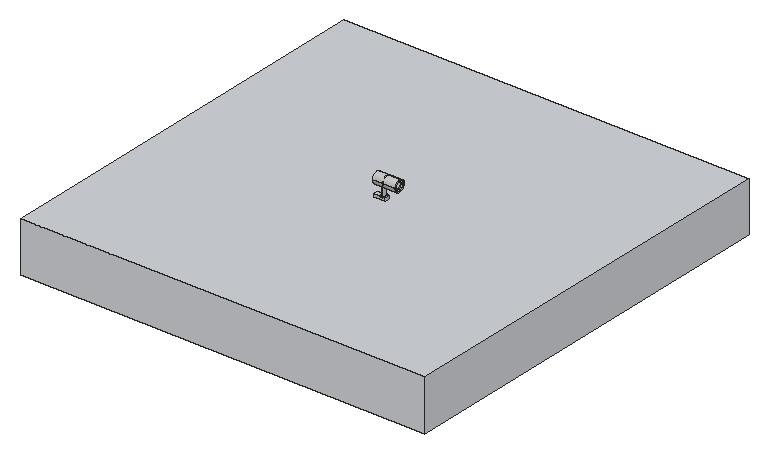
Revit family "LAMP_HANCE TRACK FLOOD (DALI)", category Modelos genéricos, Revit 2015
Parameters (values of type "639LM 3000 BLACK")
  Weight = 0.47 kg
  Type = "COB PHILIPS"
  Total height = 190 mm
  Tilting angle [instance] = 90.00°
  Tilting [instance] = if(Tilting angle < 0.00°, 0.00°, if(Tilting angle > 90.00°, 90.00°, Tilting angle))  # 90.00°
  Rotation angle [instance] = 0.00°
  Rotation [instance] = if(Rotation angle < 0.00°, 90.00°, if(Rotation angle > 355.00°, 85.00°, Rotation angle + 90.00°))  # 90.00°
  Protection rating = "IP20"
  Profundidad tija = if(Longitud cuerpo = 210 mm, 18 mm, 8.2 mm)  # 8.2 mm
  Product datasheet = "http://www.lamp.es/product-files/TECH/HS1TK10FL830DBB-EN.pdf"
  Product code = "HS1TK10FL830DBB"
  Product URL = "http://www.lamp.es/en/family/hance_173901"
  Power Supply = "220-240V 50-60Hz"
  Power = 7 W
  Plum = 8.2 W
  Photometric web file = Cuerpo Hance TRACK FLOOD (tilting) : 639LM 3000 BLACK
  Modelo = Product code  # "HS1TK10FL830DBB"
  Model explanation = "Availability of tilting between 0º and 90º, rotation between 0º and 355º and change ring color when placed in a project."
  Material track = LAMP_Aluminio Hance Negro
  Material tija = LAMP_Aluminio Hance Negro
  Manufacturer name = "LAMP"
  Manufacturer country = "Spain"
  Manufacturer URL = "http://www.lamp.es/en"
  MacAdam = "3"
  Luminaire type = "Indoor - Spotlight"
  Longitud cuerpo = 135 mm
  Longitud aro = if(Longitud cuerpo = 135 mm, 63.6 mm, if(Longitud cuerpo = 170 mm, 98.6 mm, 138.6 mm))  # 63.6 mm
  Last update = "08/08/2018"
  Lamp = "COB LED"
  LED Lifetime = "50.000 L90 B10"
  Insulation class = "I"
  Installation instructions = "http://www.lamp.es/product-files/INS/1004280-A-INSTR.%20MONT%20HANCE%20TRACK220-SUR-REC.pdf"
  Initial intensity = 639 lm
  Initial color = 3000 K
  IEE = "A+"
  Gear = "Adjustable DALI"
  Finish = "Texturised black"
  Fabricante = Manufacturer name  # "LAMP"
  Default Elevation = 1219.2 mm
  Efficacy = 77.9 lm/W
  Diameter = 65 mm
  Descripción = "HANCE TRACK 220 1000 WW FL BK."
  Decorative ring [instance] = Aro decorativo (tilting) : Black
  Comentarios de tipo = Model explanation  # "Availability of tilting between 0º and 90º, rotation between 0º and 355º and change ring color when placed in a project."
  CRI = "80"
  Body height = 135 mm
  Angulo aro [instance] = if(Tilting = 90.00°, 90.00°, -Tilting + 180.00°)  # 90.00°
  Anchura tija = if(Longitud cuerpo = 210 mm, 28 mm, 23 mm)  # 23 mm
  Altura tija = if(Longitud cuerpo = 210 mm, 49 mm, 63 mm)  # 63 mm
Types (17, lengths in mm): name | Weight | Total height | Profundidad tija | Product datasheet | Product code | Power | Plum | Photometric web file | Modelo | Material track | Material tija | Longitud cuerpo | Longitud aro | LED Lifetime | Initial intensity | Initial color | IEE | Finish | Efficacy | Diameter | Descripción | Body height | Anchura tija | Altura tija
  (no name) | 0.47 kg | 190 | 8.2 | "http://www.lamp.es/product-files/TECH/HS1TK10FL830DBB-EN.pdf" | "HS1TK10FL830DBB" | 7 W | 8.2 W | Cuerpo Hance TRACK FLOOD (tilting) : 639LM 3000 BLACK | "HS1TK10FL830DBB" | LAMP_Aluminio Hance Negro | LAMP_Aluminio Hance Negro | 135 | 63.6 | "50.000 L90 B10" | 639 lm | 3000 K | "A+" | "Texturised black" | 77.9 lm/W | 65 | "HANCE TRACK 220 1000 WW FL BK." | 135 | 23 | 63
  639LM 3000 BLACK | 0.47 kg | 190 | 8.2 | "http://www.lamp.es/product-files/TECH/HS1TK10FL830DBB-EN.pdf" | "HS1TK10FL830DBB" | 7 W | 8.2 W | Cuerpo Hance TRACK FLOOD (tilting) : 639LM 3000 BLACK | "HS1TK10FL830DBB" | LAMP_Aluminio Hance Negro | LAMP_Aluminio Hance Negro | 135 | 63.6 | "50.000 L90 B10" | 639 lm | 3000 K | "A+" | "Texturised black" | 77.9 lm/W | 65 | "HANCE TRACK 220 1000 WW FL BK." | 135 | 23 | 63
  639LM 3000 WHITE | 0.47 kg | 190 | 8.2 | "http://www.lamp.es/product-files/TECH/HS1TK10FL830DBW-EN.pdf" | "HS1TK10FL830DBW" | 7 W | 8.2 W | Cuerpo Hance TRACK FLOOD (tilting) : 639LM 3000 WHITE | "HS1TK10FL830DBW" | LAMP_Aluminio Hance Blanco | LAMP_Aluminio Hance Blanco | 135 | 63.6 | "50.000 L90 B10" | 639 lm | 3000 K | "A+" | "Texturised matt white" | 77.9 lm/W | 65 | "HANCE TRACK 220 1000 WW FL WH." | 135 | 23 | 63
  675LM 4000 BLACK | 0.47 kg | 190 | 8.2 | "http://www.lamp.es/product-files/TECH/HS1TK10FL840DBB-EN.pdf" | "HS1TK10FL840DBB" | 7 W | 8.2 W | Cuerpo Hance TRACK FLOOD (tilting) : 675LM 4000 BLACK | "HS1TK10FL840DBB" | LAMP_Aluminio Hance Negro | LAMP_Aluminio Hance Negro | 135 | 63.6 | "50.000 L90 B10" | 675 lm | 4000 K | "A+" | "Texturised black" | 82.32 lm/W | 65 | "HANCE TRACK 220 1000 NW FL BK." | 135 | 23 | 63
  675LM 4000 WHITE | 0.47 kg | 190 | 8.2 | "http://www.lamp.es/product-files/TECH/HS1TK10FL840DBW-EN.pdf" | "HS1TK10FL840DBW" | 7 W | 8.2 W | Cuerpo Hance TRACK FLOOD (tilting) : 675LM 4000 WHITE | "HS1TK10FL840DBW" | LAMP_Aluminio Hance Blanco | LAMP_Aluminio Hance Blanco | 135 | 63.6 | "50.000 L90 B10" | 675 lm | 4000 K | "A+" | "Texturised matt white" | 82.32 lm/W | 65 | "HANCE TRACK 220 1000 NW FL WH." | 135 | 23 | 63
  1476LM 3000 BLACK | 0.65 kg | 225 | 8.2 | "http://www.lamp.es/product-files/TECH/HS1TK20FL830DBB-EN.pdf" | "HS1TK20FL830DBB" | 18 W | 21 W | Cuerpo Hance TRACK FLOOD (tilting) : 1476LM 3000 BLACK | "HS1TK20FL830DBB" | LAMP_Aluminio Hance Negro | LAMP_Aluminio Hance Negro | 170 | 98.6 | "50.000 L80 B10" | 1476 lm | 3000 K | "A" | "Texturised black" | 70.3 lm/W | 65 | "HANCE TRACK 220 2000 WW FL BK." | 170 | 23 | 63
  1476LM 3000 WHITE | 0.65 kg | 225 | 8.2 | "http://www.lamp.es/product-files/TECH/HS1TK20FL830DBW-EN.pdf" | "HS1TK20FL830DBW" | 18 W | 21 W | Cuerpo Hance TRACK FLOOD (tilting) : 1476LM 3000 WHITE | "HS1TK20FL830DBW" | LAMP_Aluminio Hance Blanco | LAMP_Aluminio Hance Blanco | 170 | 98.6 | "50.000 L80 B10" | 1476 lm | 3000 K | "A" | "Texturised matt white" | 70.3 lm/W | 65 | "HANCE TRACK 220 2000 WW FL WH." | 170 | 23 | 63
  1560LM 4000 BLACK | 0.65 kg | 225 | 8.2 | "http://www.lamp.es/product-files/TECH/HS1TK20FL840DBB-EN.pdf" | "HS1TK20FL840DBB\r\nHS1TK20FL840NBB" | 18 W | 21 W | Cuerpo Hance TRACK FLOOD (tilting) : 1560LM 4000 BLACK | "HS1TK20FL840DBB\r\nHS1TK20FL840NBB" | LAMP_Aluminio Hance Negro | LAMP_Aluminio Hance Negro | 170 | 98.6 | "50.000 L80 B10" | 1560 lm | 4000 K | "A" | "Texturised black" | 74.28 lm/W | 65 | "HANCE TRACK 220 2000 NW FL BK." | 170 | 23 | 63
  1560LM 4000 WHITE | 0.65 kg | 225 | 8.2 | "http://www.lamp.es/product-files/TECH/HS1TK20FL840DBW-EN.pdf" | "HS1TK20FL840DBW\r\nHS1TK20FL840NBB" | 18 W | 21 W | Cuerpo Hance TRACK FLOOD (tilting) : 1560LM 4000 WHITE | "HS1TK20FL840DBW\r\nHS1TK20FL840NBB" | LAMP_Aluminio Hance Blanco | LAMP_Aluminio Hance Blanco | 170 | 98.6 | "50.000 L80 B10" | 1560 lm | 4000 K | "A" | "Texturised matt white" | 74.28 lm/W | 65 | "HANCE TRACK 220 2000 NW FL WH." | 170 | 23 | 63
  2569LM 3000 BLACK | 1.35 kg | 266 | 18 | "http://www.lamp.es/product-files/TECH/HS1TK30FL830DBB-EN.pdf" | "HS1TK30FL830DBB" | 26 W | 28.6 W | Cuerpo Hance TRACK FLOOD (tilting) : 2569LM 3000 BLACK | "HS1TK30FL830DBB" | LAMP_Aluminio Hance Negro | LAMP_Aluminio Hance Negro | 210 | 138.6 | "50.000 L80 B10" | 2569 lm | 3000 K | "A+" | "Texturised black" | 89.83 lm/W | 90 | "HANCE TRACK 220 3000 WW FL BK." | 210 | 28 | 49
  2569LM 3000 WHITE | 1.35 kg | 266 | 18 | "http://www.lamp.es/product-files/TECH/HS1TK30FL830DBW-EN.pdf" | "HS1TK30FL830DBW" | 26 W | 28.6 W | Cuerpo Hance TRACK FLOOD (tilting) : 2569LM 3000 WHITE | "HS1TK30FL830DBW" | LAMP_Aluminio Hance Blanco | LAMP_Aluminio Hance Blanco | 210 | 138.6 | "50.000 L80 B10" | 2569 lm | 3000 K | "A+" | "Texturised matt white" | 89.83 lm/W | 90 | "HANCE TRACK 220 3000 WW FL WH." | 210 | 28 | 49
  2686LM 4000 BLACK | 1.35 kg | 266 | 18 | "http://www.lamp.es/product-files/TECH/HS1TK30FL840DBB-EN.pdf" | "HS1TK30FL840DBB" | 26 W | 28.6 W | Cuerpo Hance TRACK FLOOD (tilting) : 2686LM 4000 BLACK | "HS1TK30FL840DBB" | LAMP_Aluminio Hance Negro | LAMP_Aluminio Hance Negro | 210 | 138.6 | "50.000 L80 B10" | 2686 lm | 4000 K | "A+" | "Texturised black" | 93.92 lm/W | 90 | "HANCE TRACK 220 3000 NW FL BK." | 210 | 28 | 49
  2686LM 4000 WHITE | 1.35 kg | 266 | 18 | "http://www.lamp.es/product-files/TECH/HS1TK30FL840DBW-EN.pdf" | "HS1TK30FL840DBW" | 26 W | 28.6 W | Cuerpo Hance TRACK FLOOD (tilting) : 2686LM 4000 WHITE | "HS1TK30FL840DBW" | LAMP_Aluminio Hance Blanco | LAMP_Aluminio Hance Blanco | 210 | 138.6 | "50.000 L80 B10" | 2686 lm | 4000 K | "A+" | "Texturised matt white" | 93.92 lm/W | 90 | "HANCE TRACK 220 3000 NW FL WH." | 210 | 28 | 49
  3290LM 3000 BLACK | 1.35 kg | 266 | 18 | "http://www.lamp.es/product-files/TECH/HS1TK40FL830DBB-EN.pdf" | "HS1TK40FL830DBB" | 35 W | 39.5 W | Cuerpo Hance TRACK FLOOD (tilting) : 3290LM 3000 BLACK | "HS1TK40FL830DBB" | LAMP_Aluminio Hance Negro | LAMP_Aluminio Hance Negro | 210 | 138.6 | "50.000 L80 B10" | 3290 lm | 3000 K | "A+" | "Texturised black" | 83.3 lm/W | 90 | "HANCE TRACK 220 4000 WW FL BK." | 210 | 28 | 49
  3290LM 3000 WHITE | 1.35 kg | 266 | 18 | "http://www.lamp.es/product-files/TECH/HS1TK40FL830DBW-EN.pdf" | "HS1TK40FL830DBW" | 35 W | 39.5 W | Cuerpo Hance TRACK FLOOD (tilting) : 3290LM 3000 WHITE | "HS1TK40FL830DBW" | LAMP_Aluminio Hance Blanco | LAMP_Aluminio Hance Blanco | 210 | 138.6 | "50.000 L80 B10" | 3290 lm | 3000 K | "A+" | "Texturised matt white" | 83.3 lm/W | 90 | "HANCE TRACK 220 4000 WW FL WH." | 210 | 28 | 49
  3426LM 4000 BLACK | 1.35 kg | 266 | 18 | "http://www.lamp.es/product-files/TECH/HS1TK40FL840DBB-EN.pdf" | "HS1TK40FL840DBB" | 35 W | 39.5 W | Cuerpo Hance TRACK FLOOD (tilting) : 3426LM 4000 BLACK | "HS1TK40FL840DBB" | LAMP_Aluminio Hance Negro | LAMP_Aluminio Hance Negro | 210 | 138.6 | "50.000 L80 B10" | 3426 lm | 4000 K | "A+" | "Texturised black" | 86.73 lm/W | 90 | "HANCE TRACK 220 4000 NW FL BK." | 210 | 28 | 49
  3426LM 4000 WHITE | 1.35 kg | 266 | 18 | "http://www.lamp.es/product-files/TECH/HS1TK40FL840DBW-EN.pdf" | "HS1TK40FL840DBW" | 35 W | 39.5 W | Cuerpo Hance TRACK FLOOD (tilting) : 3426LM 4000 WHITE | "HS1TK40FL840DBW" | LAMP_Aluminio Hance Blanco | LAMP_Aluminio Hance Blanco | 210 | 138.6 | "50.000 L80 B10" | 3426 lm | 4000 K | "A+" | "Texturised matt white" | 86.73 lm/W | 90 | "HANCE TRACK 220 4000 NW FL WH." | 210 | 28 | 49
Reference planes
  plane 1 "Centro (Frontal/Posterior)": y = 0
  plane 2: z = 0
  plane 3 "Centro (Izquierda/Derecha)": x = 0
Forms (mm)
  Extrusion 1, solid
    sketch origin (0, 0, 0) x (1, 0, 0) y (0, 1, 0)
      loop
        line (-1219.2, 1219.2) -> (-1219.2, -1219.2) -> (1219.2, -1219.2) -> (1219.2, 1219.2) -> (-1219.2, 1219.2)
    from 0 to -304.8
  Extrusion 2, solid, material "LAMP_Aluminio Hance Negro" <- "Material track"
    sketch origin (-17.6, 0, 0) x (1, 0, 0) y (0, 1, 0)
      loop
        arc (-31.129, 16) -> (-35, 0) -> (-31.129, -16) r 35
        line (-31.129, -16) -> (31.129, -16)
        arc (31.129, -16) -> (35, 0) -> (31.129, 16) r 35
        line (31.129, 16) -> (-31.129, 16)
    from -26 to 14
  Extrusion 3, void
    sketch origin (0, 0, 0) x (0, 1, 0) y (0, 0, 1)
      loop
        line (17, 0) -> (7, 0) -> (7, -25) -> (-7, -25) -> (-7, 0) -> (-17, 0) -> (-17, -26) -> (17, -26) -> (17, 0)
    from -55.461 to 19.43
  Extrusion 4, void
    sketch origin (-17.6, 0, 0) x (-1, 0, 0) y (0, -1, 0)
      loop
        circle (-17.6, 0) r 6.5
    from -7.7 to 14
  Extrusion 5, solid, material "LAMP_Aluminio Hance Negro" <- "Material track"
    sketch origin (0, 0, 0) x (1, 0, 0) y (0, 1, 0)
      loop
        circle (-1, 0) r 15.5
    from 14 to 18
Cuts and joins
  Extrusion 3, Extrusion 4 cuts Extrusion 2
Lines and regions (mm)
  reference lines
    curve 1: line (0, 0, 0) -> (50, 0, 0)
Text (mm)
  text "Any modification of the parameters and properties of the LAMP BIM models must be executed and validated by the LAMP technical department.\n\nPhone: +34 93 736 68 00\n\nE-mail: lamp@lamp.es\n\n\n\nLAMP reserves the right to modify the technical specifications of its products." at (-21906.375, 14253.211, -4404.018), in view "Preview"
Dimensions and locks
  "Rotation": angle curve 1 to plane 3 "Centro (Izquierda/Derecha)"
  aligned and locked: plane 2 to Extrusion 1
  aligned and locked: level to Extrusion 1
  aligned and locked: plane 3 "Centro (Izquierda/Derecha)" to curve 1
  aligned and locked: plane 1 "Centro (Frontal/Posterior)" to curve 1
Automatic sketch dimensions
  Extrusion 1 sketch curve to Extrusion 1 sketch curve = 2438.4 mm  (x2)
  Extrusion 2 sketch curve to Extrusion 2 sketch curve = 0 mm  (x2)
  plane 1 "Centro (Frontal/Posterior)" to Extrusion 2 sketch curve = 0 mm
  Extrusion 2 sketch curve to plane 1 "Centro (Frontal/Posterior)" = 16 mm
  Extrusion 2 sketch curve to plane 3 "Centro (Izquierda/Derecha)" = 48.729 mm
  plane 1 "Centro (Frontal/Posterior)" to Extrusion 2 sketch curve = 16 mm
  Extrusion 2 sketch curve to plane 3 "Centro (Izquierda/Derecha)" = 17.6 mm
  plane 3 "Centro (Izquierda/Derecha)" to Extrusion 2 sketch curve = 13.529 mm
  Extrusion 3 sketch curve to level = 0 mm  (x2)
  plane 1 "Centro (Frontal/Posterior)" to Extrusion 3 sketch curve = 17 mm
  plane 1 "Centro (Frontal/Posterior)" to Extrusion 3 sketch curve = 7 mm
  Extrusion 3 sketch curve to plane 1 "Centro (Frontal/Posterior)" = 7 mm
  Extrusion 3 sketch curve to Extrusion 3 sketch curve = 10 mm
  Extrusion 3 sketch curve to Extrusion 3 sketch curve = 25 mm
  Extrusion 3 sketch curve to Extrusion 3 sketch curve = 1 mm
  plane 1 "Centro (Frontal/Posterior)" to Extrusion 4 sketch curve = 0 mm
  Extrusion 4 sketch curve to plane 3 "Centro (Izquierda/Derecha)" = 0 mm
  Extrusion 5 sketch curve to curve 1 = 0 mm
  Extrusion 5 sketch curve to curve 1 = 1 mm
  radius of Extrusion 4 sketch curve = 6.5 mm
  radius of Extrusion 5 sketch curve = 15.5 mm
Nested families
  nested 1: "Aro decorativo (tilting)" at (-0.5, 0, 73.163) x (1, 0, 0) z (0, 0, -1), type <- "Decorative ring", type "Black"
  nested 2: "Tija track" at (1, 0, 18), type "Tija track"
  nested 3: "Cuerpo Hance TRACK FLOOD (tilting)" at (-0.525, 0, 73.145) x (1, 0, 0) z (0, 0, -1), type <- "Photometric web file", type "639LM 3000 BLACK"
Connectors
  electrical at (-17.6, 0, -25)
    settings: on cut or joined group of Extrusion 2, Extrusion 3, Extrusion 4, index 1, voltage 0 V, apparent load 0 VA, apparent load phase1 230 VA, apparent load phase2 0 VA, apparent load phase3 0 VA, power factor 1, load classification "Otro", number of poles 1, system type 31, power factor state 1, is connector primary yes, connector utility no, sub classification motor no, connector description ""
Definition of nested family "Aro decorativo (tilting)"
  Parameters (values of type "Copper")
    Weight (3000/4000) = 0.016 kg
    Weight (1000/2000) = 0.01 kg
    Tilting = 90.00°
    Product datasheet = ""
    Product code (3000/4000) = "HSRI90C"
    Product code (1000/2000) = "HSRI65C"
    Product URL = ""
    Model = ""
    Material aro = none
    Manufacturer name = "LAMP"
    Manufacturer country = "Spain"
    Manufacturer URL = "http://www.lamp.es/en"
    Longitud = 63.6 mm
    Last update = "21/05/2018"
    Installation instructions = ""
    Finish = "Metalized matt copper"
    Manufacturer = Manufacturer name  # "LAMP"
    Default Elevation = 1219.2 mm
    Diameter (3000/4000) = 90 mm
    Diameter (1000/2000) = 65 mm
    Description = ""
    Accessory Type = "Optic"
    3000/4000 Model = "HSRI90C"
    3000/4000 Description = "HANCE 3000/4000 ACC. RING DECO CO."
    1000/2000 Model = "HSRI65C"
    1000/2000 Description = "HANCE 1000/2000 ACC. RING DECO CO."
  Types (5, lengths in mm): name | Product code (3000/4000) | Product code (1000/2000) | Finish | 3000/4000 Model | 3000/4000 Description | 1000/2000 Model | 1000/2000 Description
    (no name) | "HSRI90C" | "HSRI65C" | "Metalized matt copper" | "HSRI90C" | "HANCE 3000/4000 ACC. RING DECO CO." | "HSRI65C" | "HANCE 1000/2000 ACC. RING DECO CO."
    Black | "HSRI90B" | "HSRI65B" | "Matt black" | "HSRI90B" | "HANCE 3000/4000 ACC. RING DECO BK." | "HSRI65B" | "HANCE 1000/2000 ACC. RING DECO BK."
    Copper | "HSRI90C" | "HSRI65C" | "Metalized matt copper" | "HSRI90C" | "HANCE 3000/4000 ACC. RING DECO CO." | "HSRI65C" | "HANCE 1000/2000 ACC. RING DECO CO."
    Grey | "HSRI90M" | "HSRI65M" | "Metalized matt silver" | "HSRI90M" | "HANCE 3000/4000 ACC. RING DECO MET." | "HSRI65M" | "HANCE 1000/2000 ACC. RING DECO MET."
    White | "HSRI90W" | "HSRI65W" | "Matt White" | "HSRI90W" | "HANCE 3000/4000 ACC. RING DECO WH." | "HSRI65W" | "HANCE 1000/2000 ACC. RING DECO WH."
  Reference planes
    plane 1 "Centro (Frontal/Posterior)": y = 0
    plane 2: z = 0
    plane 3 "Centro (Izquierda/Derecha)": x = 0
  Lines and regions (mm)
    reference lines
      curve 1: line (0, 0, 0) -> (0, 0, -27.9)
      curve 2: line (0, 0, -27.9) -> (80.8, 0, -27.9)
  Text (mm)
    text "Any modification of the parameters and properties of the LAMP BIM models must be executed and validated by the LAMP technical department.\n\nPhone: +34 93 736 68 00\n\nE-mail: lamp@lamp.es\n\n\n\nLAMP reserves the right to modify the technical specifications of its products." at (86527.204, -96597.187, 50741.736), in view "Preview"
  Dimensions and locks
    "Tilting": angle curve 1 to plane 2
    aligned and locked: level to plane 2
    aligned and locked: plane 3 "Centro (Izquierda/Derecha)" to curve 1
    aligned and locked: plane 2 to curve 1
  Automatic sketch dimensions
    curve 2 to curve 1 = 0 mm
    curve 1 to curve 2 = 0 mm
    curve 1 to curve 2 = 80.8 mm
  Nested families
    nested 1: "Aro decorativo" at (17.2, 0, 0), type "Copper"
  Definition of nested family "Aro decorativo"
    Parameters (values of type "Copper")
      Weight (3000/4000) = 0.016 kg
      Weight (1000/2000) = 0.01 kg
      Product datasheet = ""
      Product code (3000/4000) = "HSRI90C"
      Product code (1000/2000) = "HSRI65C"
      Product URL = ""
      Model = ""
      Material aro = none
      Manufacturer name = "LAMP"
      Manufacturer country = "Spain"
      Manufacturer URL = "http://www.lamp.es/en"
      Longitud = 63.6 mm
      Last update = "21/05/2018"
      Installation instructions = ""
      Finish = "Metalized matt copper"
      Manufacturer = Manufacturer name  # "LAMP"
      Default Elevation = 1219.2 mm
      Diametro vaciado aro interior = if(Diametro aro interior = 35.4 mm, 34.4 mm, 21.9 mm)  # 21.9 mm
      Diametro vaciado aro exterior = if(Diametro aro exterior = 42.9 mm, 41.9 mm, 29.4 mm)  # 29.4 mm
      Diametro aro interior = if(Diametro aro exterior = 42.9 mm, 35.4 mm, 22.9 mm)  # 22.9 mm
      Diametro aro exterior = if(Longitud = 138.6 mm, 42.9 mm, 30.4 mm)  # 30.4 mm
      Diameter (3000/4000) = 90 mm
      Diameter (1000/2000) = 65 mm
      Description = ""
      Accessory Type = "Optic"
      3000/4000 Model = "HSRI90C"
      3000/4000 Description = "HANCE 3000/4000 ACC. RING DECO CO."
      1000/2000 Description = "HANCE 1000/2000 ACC. RING DECO CO."
      1000/2000 Model = "HSRI65C"
    Types (5, lengths in mm): name | Product code (3000/4000) | Product code (1000/2000) | Finish | 3000/4000 Model | 3000/4000 Description | 1000/2000 Description | 1000/2000 Model
      (no name) | "HSRI90C" | "HSRI65C" | "Metalized matt copper" | "HSRI90C" | "HANCE 3000/4000 ACC. RING DECO CO." | "HANCE 1000/2000 ACC. RING DECO CO." | "HSRI65C"
      Black | "HSRI90B" | "HSRI65B" | "Matt black" | "HSRI90B" | "HANCE 3000/4000 ACC. RING DECO BK." | "HANCE 1000/2000 ACC. RING DECO BK." | "HSRI65B"
      Copper | "HSRI90C" | "HSRI65C" | "Metalized matt copper" | "HSRI90C" | "HANCE 3000/4000 ACC. RING DECO CO." | "HANCE 1000/2000 ACC. RING DECO CO." | "HSRI65C"
      Grey | "HSRI90M" | "HSRI65M" | "Metalized matt silver" | "HSRI90M" | "HANCE 3000/4000 ACC. RING DECO MET." | "HANCE 1000/2000 ACC. RING DECO MET." | "HSRI65M"
      White | "HSRI90W" | "HSRI65W" | "Matt white" | "HSRI90W" | "HANCE 3000/4000 ACC. RING DECO WH." | "HANCE 1000/2000 ACC. RING DECO WH." | "HSRI65W"
    Reference planes
      plane 1 "Centro (Frontal/Posterior)": y = 0
      plane 2: z = 0
      plane 3 "Centro (Izquierda/Derecha)": x = 0
    Forms (mm)
      Revolve 1, solid, material <- "Material aro"
        sketch origin (0, 0, -27.9) x (1, 0, 0) y (0, 0, 1)
          loop
            line (63.6, 0) -> (73.782, 0) -> (73.782, 30.4) -> (63.6, 22.9) -> (63.6, 0)
          axis (73.782, 0) -> (63.6, 0)
        angle from 0 to 360
      Revolve 2, void
        sketch origin (0, 0, -27.9) x (1, 0, 0) y (0, 0, 1)
          loop
            line (73.782, 29.4) -> (63.6, 21.9) -> (63.6, 0) -> (73.782, 0) -> (73.782, 29.4)
          axis (63.6, 0) -> (73.782, 0)
        angle from 0 to 360
    Cuts and joins
      Revolve 2 cuts Revolve 1
    Lines and regions (mm)
      reference lines
        curve 1: line (0, 0, -27.9) -> (63.6, 0, -27.9)
    Text (mm)
      text "Any modification of the parameters and properties of the LAMP BIM models must be executed and validated by the LAMP technical department.\n\nPhone: +34 93 736 68 00\n\nE-mail: lamp@lamp.es\n\n\n\nLAMP reserves the right to modify the technical specifications of its products." at (91886.357, -93022.329, 47898.266), in view "Preview"
    Dimensions and locks
      "Diametro aro exterior": Revolve 1 sketch curve to Revolve 1 sketch curve
      "Diametro vaciado aro exterior": Revolve 2 sketch curve to Revolve 2 sketch curve
      "Longitud": curve 1 to plane 3 "Centro (Izquierda/Derecha)"
      "Diametro aro interior": Revolve 1 sketch curve to Revolve 1 sketch curve
      "Diametro vaciado aro interior": Revolve 2 sketch curve to Revolve 2 sketch curve
      aligned and locked: level to plane 2
    Automatic sketch dimensions
      Revolve 1 sketch curve to curve 1 = 0 mm  (x4)
      curve 1 to Revolve 1 sketch curve = 10.182 mm
      Revolve 1 sketch curve to Revolve 1 sketch curve = 0 mm
      Revolve 2 sketch curve to curve 1 = 0 mm  (x3)
      curve 1 to Revolve 2 sketch curve = 10.182 mm
      Revolve 2 sketch curve to curve 1 = 1261.008 mm
      Revolve 2 sketch curve to Revolve 2 sketch curve = 1898.983 mm
      curve 1 to plane 3 "Centro (Izquierda/Derecha)" = 0 mm
      curve 1 to level = 27.9 mm
Definition of nested family "Tija track"
  Parameters (values of type "Tija track")
    Profundidad tija = 8.2 mm
    Material tija = none
    Default Elevation = 1219.2 mm
    Anchura tija = 23 mm
    Profundo vaciado = if(Profundidad tija = 18 mm, 10.8 mm, 1 mm)  # 1 mm
    Ancho vaciado = Anchura tija  # 23 mm
    Altura tija = 63 mm
  Reference planes
    plane 1 "Centro (Frontal/Posterior)": y = 0
    plane 2: z = 0
    plane 3 "Centro (Izquierda/Derecha)": x = 0
  Forms (mm)
    Extrusion 1, solid
      sketch origin (0, 0, 0) x (1, 0, 0) y (0, 1, 0)
        loop
          line (-1219.2, 1219.2) -> (-1219.2, -1219.2) -> (1219.2, -1219.2) -> (1219.2, 1219.2) -> (-1219.2, 1219.2)
      from 0 to -304.8
    Extrusion 2, solid, material <- "Material tija"
      sketch origin (0, 0, -18) x (1, 0, 0) y (0, 0, 1)
        loop
          line (4.1, 18) -> (4.1, 81) -> (-6.297, 81)
          arc (-6.297, 81) -> (-12.297, 75) -> (-6.297, 69) r 6
          line (-6.297, 69) -> (-4.1, 69) -> (-4.1, 18) -> (4.1, 18)
      from -11.5 to 11.5
    Extrusion 3, void
      sketch origin (0, 0, -20) x (-1, 0, 0) y (0, 0, 1)
        loop
          circle (7.297, 77) r 3
        loop
          circle (7.297, 63) r 3
      from -17.317 to 15.502
    Extrusion 4, void
      sketch origin (1, -11.5, 0) x (-1, 0, 0) y (0, 1, 0)
        loop
          line (0, 23) -> (-38.141, 23) -> (-38.141, 0) -> (0, 0)
          arc (0, 0) -> (-1.663, 11.5) -> (0, 23) r 40.6
      from -63 to 0
  Cuts and joins
    Extrusion 3, Extrusion 4 cuts Extrusion 2
  Lines and regions (mm)
    reference lines
      curve 1: line (1, -11.5, 0) -> (1, 11.5, 0)
  Dimensions and locks
    equal spacing: cut or joined group of Extrusion 2, Extrusion 3, Extrusion 4, plane 1 "Centro (Frontal/Posterior)", cut or joined group of Extrusion 2, Extrusion 3, Extrusion 4
    "Anchura tija": cut or joined group of Extrusion 2, Extrusion 3, Extrusion 4 to cut or joined group of Extrusion 2, Extrusion 3, Extrusion 4
    plane 1 "Centro (Frontal/Posterior)" to Extrusion 4 sketch curve = 11.5 mm
    "Altura tija": Extrusion 2 sketch curve to Extrusion 2 sketch curve
    "Profundidad tija": cut or joined group of Extrusion 2, Extrusion 3, Extrusion 4 to cut or joined group of Extrusion 2, Extrusion 3, Extrusion 4
    locked: cut or joined group of Extrusion 2, Extrusion 3, Extrusion 4 to plane 3 "Centro (Izquierda/Derecha)" at 4.1
    locked: plane 3 "Centro (Izquierda/Derecha)" to Extrusion 4 sketch curve at 39.141
    "Profundo vaciado": plane 3 "Centro (Izquierda/Derecha)" to curve 1
    "Ancho vaciado": Extrusion 4 sketch curve to Extrusion 4 sketch curve
    equal spacing: Extrusion 4 sketch curve, plane 1 "Centro (Frontal/Posterior)", Extrusion 4 sketch curve
    aligned and locked: plane 2 to Extrusion 1
    aligned and locked: level to Extrusion 1
  Automatic sketch dimensions
    Extrusion 1 sketch curve to Extrusion 1 sketch curve = 2438.4 mm  (x2)
    Extrusion 3 sketch curve to plane 3 "Centro (Izquierda/Derecha)" = 7.297 mm  (x2)
    level to Extrusion 3 sketch curve = 43 mm
    Extrusion 3 sketch curve to Extrusion 3 sketch curve = 14 mm
    Extrusion 2 sketch curve to level = 0 mm
    Extrusion 2 sketch curve to plane 3 "Centro (Izquierda/Derecha)" = 6.297 mm
    Extrusion 2 sketch curve to Extrusion 2 sketch curve = 2.197 mm
    plane 3 "Centro (Izquierda/Derecha)" to Extrusion 2 sketch curve = 4.1 mm
    Extrusion 2 sketch curve to Extrusion 2 sketch curve = 12 mm
    plane 1 "Centro (Frontal/Posterior)" to curve 1 = 11.5 mm
    curve 1 to plane 1 "Centro (Frontal/Posterior)" = 11.5 mm
    Extrusion 4 sketch curve to curve 1 = 0 mm  (x2)
    curve 1 to Extrusion 4 sketch curve = 38.937 mm
    radius of Extrusion 3 sketch curve = 3 mm  (x2)
Definition of nested family "Cuerpo Hance TRACK FLOOD (tilting)"
  Parameters (values of type "639LM 3000 BLACK")
    Tilting = 90.00°
    Photometric web file = Cuerpo Hance TRACK FLOOD : 639LM 3000 BLACK
    Longitud cuerpo = 135 mm
    Default Elevation = 1219.2 mm
  Types (17, lengths in mm): name | Photometric web file | Longitud cuerpo
    (no name) | Cuerpo Hance TRACK FLOOD : 639LM 3000 BLACK | 135
    639LM 3000 BLACK | Cuerpo Hance TRACK FLOOD : 639LM 3000 BLACK | 135
    639LM 3000 WHITE | Cuerpo Hance TRACK FLOOD : 639LM 3000 WHITE | 135
    675LM 4000 BLACK | Cuerpo Hance TRACK FLOOD : 675LM 4000 BLACK | 135
    675LM 4000 WHITE | Cuerpo Hance TRACK FLOOD : 675LM 4000 WHITE | 135
    1476LM 3000 BLACK | Cuerpo Hance TRACK FLOOD : 1476LM 3000 BLACK | 170
    1476LM 3000 WHITE | Cuerpo Hance TRACK FLOOD : 1476LM 3000 WHITE | 170
    1560LM 4000 BLACK | Cuerpo Hance TRACK FLOOD : 1560LM 4000 BLACK | 170
    1560LM 4000 WHITE | Cuerpo Hance TRACK FLOOD : 1560LM 4000 WHITE | 170
    2569LM 3000 BLACK | Cuerpo Hance TRACK FLOOD : 2569LM 3000 BLACK | 210
    2569LM 3000 WHITE | Cuerpo Hance TRACK FLOOD : 2569LM 3000 WHITE | 210
    2686LM 4000 BLACK | Cuerpo Hance TRACK FLOOD : 2686LM 4000 BLACK | 210
    2686LM 4000 WHITE | Cuerpo Hance TRACK FLOOD : 2686LM 4000 WHITE | 210
    3290LM 3000 BLACK | Cuerpo Hance TRACK FLOOD : 3290LM 3000 BLACK | 210
    3290LM 3000 WHITE | Cuerpo Hance TRACK FLOOD : 3290LM 3000 WHITE | 210
    3426LM 4000 BLACK | Cuerpo Hance TRACK FLOOD : 3426LM 4000 BLACK | 210
    3426LM 4000 WHITE | Cuerpo Hance TRACK FLOOD : 3426LM 4000 WHITE | 210
  Reference planes
    plane 1 "Centro (Frontal/Posterior)": y = 0
    plane 2: z = 0
    plane 3 "Centro (Izquierda/Derecha)": x = 0
  Lines and regions (mm)
    reference lines
      curve 1: line (0, 0, 0) -> (200, 0, 0)
  Dimensions and locks
    "Tilting": angle plane 3 "Centro (Izquierda/Derecha)" to curve 1
    aligned and locked: level to plane 2
    aligned and locked: plane 3 "Centro (Izquierda/Derecha)" to curve 1
    aligned and locked: plane 2 to curve 1
  Nested families
    nested 1: "Cuerpo Hance TRACK FLOOD" at (0, 0, 0), type <- "Photometric web file", type "639LM 3000 BLACK"
  Definition of nested family "Cuerpo Hance TRACK FLOOD"
    Parameters (values of type "639LM 3000 BLACK")
      Tilt Angle = 90.00° + Tilting  # 180.00°
      Wattage = 8.2 W
      Tilting = 90.00°
      built-in parameter 1150107 = 3000 (stored number, unit not read)
      Radio vacio posterior = Radio cuerpo - 2.2 mm  # 30.3 mm
      Radio vaciado = Radio cuerpo - 1.5 mm  # 31 mm
      Radio cuerpo = if(Longitud cuerpo = 210 mm, 45 mm, 32.5 mm)  # 32.5 mm
      built-in parameter 1150110 = 1 (stored number, unit not read)
      built-in parameter 1150109 = 1 (stored number, unit not read)
      built-in parameter 1150112 = 1 (stored number, unit not read)
      built-in parameter 1150113 = 1 (stored number, unit not read)
      built-in parameter 1114218 = 1 (stored number, unit not read)
      built-in parameter 1150137 = (empty or 0)
      built-in parameter 1150132 = 2
      Material reflector = none
      Material cuerpo = none
      Material COB = none
      Longitud cuerpo = 135 mm
      Long. origen luz = if(Longitud cuerpo = 135 mm, 20 mm, if(Longitud cuerpo = 170 mm, 55 mm, 90 mm))  # 20 mm
      L_3 = if(Ancho disipador posterior = 80.4 mm, 39.6 mm, 12 mm)  # 12 mm
      L_2 = if(Ancho disipador posterior = 80.4 mm, 36.3 mm, 22.6 mm)  # 22.6 mm
      L_1 = if(Ancho disipador posterior = 80.4 mm, 36.8 mm, 25.4 mm)  # 25.4 mm
      built-in parameter 1150105 = 11148.3 (stored number, unit not read)
      built-in parameter 1150102 = (empty or 0)
      built-in parameter 1150106 = 111.48 (stored number, unit not read)
      Lumens = 638.78 lm
      Color Filter = 16777215
      built-in parameter 1114217 = 1 (stored number, unit not read)
      built-in parameter 1150139 = (empty or 0)
      Default Elevation = 1219.2 mm
      built-in parameter 1150104 = 7.2371 (stored number, unit not read)
      Efficacy = 77.9 lm/W
      Diametro aro = if(Radio cuerpo = 45 mm, 42.9 mm, 30.4 mm)  # 30.4 mm
      built-in parameter 1150115 = 1 (stored number, unit not read)
      built-in parameter 1150114 = 1 (stored number, unit not read)
      built-in parameter 1150138 = (empty or 0)
      built-in parameter 1150134 = (empty or 0)
      Dimming Lamp Color Temperature Shift = (empty or 0)
      Photometric Web File = "HS1TK10FL830NBB.IES"
      Ancho vaciado reflector = if(Radio cuerpo = 45 mm, 34.4 mm, 21.9 mm)  # 21.9 mm
      Ancho reflector = if(Radio cuerpo = 45 mm, 35.4 mm, 22.9 mm)  # 22.9 mm
      Ancho disipador posterior = if(Radio cuerpo = 32.5 mm, 53 mm, 80.4 mm)  # 53 mm
      built-in parameter 1150133 = 10 (stored number, unit not read)
      Altura disipador superior = if(Radio cuerpo = 45 mm, 23.9 mm, 36.9 mm)  # 36.9 mm
      Ancho disipador superior = if(Radio cuerpo = 45 mm, 28 mm, 22.6 mm)  # 22.6 mm
    Types (16, lengths in mm): name | Wattage | built-in parameter 1150107 | Radio vacio posterior | Radio vaciado | Radio cuerpo | Longitud cuerpo | Long. origen luz | L_3 | L_2 | L_1 | built-in parameter 1150105 | built-in parameter 1150106 | Lumens | built-in parameter 1150104 | Efficacy | Diametro aro | built-in parameter 1150134 | Photometric Web File | Ancho vaciado reflector | Ancho reflector | Ancho disipador posterior | Altura disipador superior | Ancho disipador superior
      639LM 3000 BLACK | 8.2 W | 3000 (stored number, unit not read) | 30.3 | 31 | 32.5 | 135 | 20 | 12 | 22.6 | 25.4 | 11148.3 (stored number, unit not read) | 111.48 (stored number, unit not read) | 638.78 lm | 7.2371 (stored number, unit not read) | 77.9 lm/W | 30.4 | (empty or 0) | "HS1TK10FL830NBB.IES" | 21.9 | 22.9 | 53 | 36.9 | 22.6
      639LM 3000 WHITE | 8.2 W | 3000 (stored number, unit not read) | 30.3 | 31 | 32.5 | 135 | 20 | 12 | 22.6 | 25.4 | 11148.3 (stored number, unit not read) | 111.48 (stored number, unit not read) | 638.78 lm | 7.2371 (stored number, unit not read) | 77.9 lm/W | 30.4 | (empty or 0) | "HS1TK10FL830NBW.IES" | 21.9 | 22.9 | 53 | 36.9 | 22.6
      675LM 4000 BLACK | 8.2 W | 4000 (stored number, unit not read) | 30.3 | 31 | 32.5 | 135 | 20 | 12 | 22.6 | 25.4 | 1291.7 (stored number, unit not read) | 12.917 (stored number, unit not read) | 675.024 lm | 7.6478 (stored number, unit not read) | 82.32 lm/W | 30.4 | 12 | "HS1TK10FL840NBB.IES" | 21.9 | 22.9 | 53 | 36.9 | 22.6
      675LM 4000 WHITE | 8.2 W | 4000 (stored number, unit not read) | 30.3 | 31 | 32.5 | 135 | 20 | 12 | 22.6 | 25.4 | 1291.7 (stored number, unit not read) | 12.917 (stored number, unit not read) | 675.024 lm | 7.6478 (stored number, unit not read) | 82.32 lm/W | 30.4 | 12 | "HS1TK10FL840NBW.IES" | 21.9 | 22.9 | 53 | 36.9 | 22.6
      1476LM 3000 BLACK | 21 W | 3000 (stored number, unit not read) | 30.3 | 31 | 32.5 | 170 | 55 | 12 | 22.6 | 25.4 | 2825.1 (stored number, unit not read) | 28.251 (stored number, unit not read) | 1476.3 lm | 6.5311 (stored number, unit not read) | 70.3 lm/W | 30.4 | (empty or 0) | "HS1TK20FL830NBB.IES" | 21.9 | 22.9 | 53 | 36.9 | 22.6
      1476LM 3000 WHITE | 21 W | 3000 (stored number, unit not read) | 30.3 | 31 | 32.5 | 170 | 55 | 12 | 22.6 | 25.4 | 2825.1 (stored number, unit not read) | 28.251 (stored number, unit not read) | 1476.3 lm | 6.5311 (stored number, unit not read) | 70.3 lm/W | 30.4 | (empty or 0) | "HS1TK20FL830NBW.IES" | 21.9 | 22.9 | 53 | 36.9 | 22.6
      1560LM 4000 BLACK | 21 W | 4000 (stored number, unit not read) | 30.3 | 31 | 32.5 | 170 | 55 | 12 | 22.6 | 25.4 | 3095.6 (stored number, unit not read) | 30.956 (stored number, unit not read) | 1559.88 lm | 6.9008 (stored number, unit not read) | 74.28 lm/W | 30.4 | 12 | "HS1TK20FL840NBB.IES" | 21.9 | 22.9 | 53 | 36.9 | 22.6
      1560LM 4000 WHITE | 21 W | 4000 (stored number, unit not read) | 30.3 | 31 | 32.5 | 170 | 55 | 12 | 22.6 | 25.4 | 3095.6 (stored number, unit not read) | 30.956 (stored number, unit not read) | 1559.88 lm | 6.9008 (stored number, unit not read) | 74.28 lm/W | 30.4 | 12 | "HS1TK20FL840NBW.IES" | 21.9 | 22.9 | 53 | 36.9 | 22.6
      2569LM 3000 BLACK | 28.6 W | 3000 (stored number, unit not read) | 42.8 | 43.5 | 45 | 210 | 90 | 39.6 | 36.3 | 36.8 | 5098.4 (stored number, unit not read) | 50.984 (stored number, unit not read) | 2569.14 lm | 8.3455 (stored number, unit not read) | 89.83 lm/W | 42.9 | (empty or 0) | "HS1TK30FL830NBB.IES" | 34.4 | 35.4 | 80.4 | 23.9 | 28
      2569LM 3000 WHITE | 28.6 W | 3000 (stored number, unit not read) | 42.8 | 43.5 | 45 | 210 | 90 | 39.6 | 36.3 | 36.8 | 5098.4 (stored number, unit not read) | 50.984 (stored number, unit not read) | 2569.14 lm | 8.3455 (stored number, unit not read) | 89.83 lm/W | 42.9 | (empty or 0) | "HS1TK30FL830NBW.IES" | 34.4 | 35.4 | 80.4 | 23.9 | 28
      2686LM 4000 BLACK | 28.6 W | 4000 (stored number, unit not read) | 42.8 | 43.5 | 45 | 210 | 90 | 39.6 | 36.3 | 36.8 | 7539.9 (stored number, unit not read) | 75.399 (stored number, unit not read) | 2686.11 lm | 8.7255 (stored number, unit not read) | 89.83 lm/W | 42.9 | 12 | "HS1TK30FL840NBB.IES" | 34.4 | 35.4 | 80.4 | 23.9 | 28
      2686LM 4000 WHITE | 28.6 W | 4000 (stored number, unit not read) | 42.8 | 43.5 | 45 | 210 | 90 | 39.6 | 36.3 | 36.8 | 7539.9 (stored number, unit not read) | 75.399 (stored number, unit not read) | 2686.11 lm | 8.7255 (stored number, unit not read) | 89.83 lm/W | 42.9 | 12 | "HS1TK30FL840NBW.IES" | 34.4 | 35.4 | 80.4 | 23.9 | 28
      3290LM 3000 BLACK | 39.5 W | 3000 (stored number, unit not read) | 42.8 | 43.5 | 45 | 210 | 90 | 39.6 | 36.3 | 36.8 | 9236 (stored number, unit not read) | 92.36 (stored number, unit not read) | 3290.35 lm | 7.7388 (stored number, unit not read) | 83.3 lm/W | 42.9 | (empty or 0) | "HS1TK40FL830NBB.IES" | 34.4 | 35.4 | 80.4 | 23.9 | 28
      3290LM 3000 WHITE | 39.5 W | 3000 (stored number, unit not read) | 42.8 | 43.5 | 45 | 210 | 90 | 39.6 | 36.3 | 36.8 | 9236 (stored number, unit not read) | 92.36 (stored number, unit not read) | 3290.35 lm | 7.7388 (stored number, unit not read) | 83.3 lm/W | 42.9 | (empty or 0) | "HS1TK40FL830NBW.IES" | 34.4 | 35.4 | 80.4 | 23.9 | 28
      3426LM 4000 BLACK | 39.5 W | 4000 (stored number, unit not read) | 42.8 | 43.5 | 45 | 210 | 90 | 39.6 | 36.3 | 36.8 | 8759.9 (stored number, unit not read) | 87.599 (stored number, unit not read) | 3425.84 lm | 8.0575 (stored number, unit not read) | 86.73 lm/W | 42.9 | 12 | "HS1TK40FL840NBB.IES" | 34.4 | 35.4 | 80.4 | 23.9 | 28
      3426LM 4000 WHITE | 39.5 W | 4000 (stored number, unit not read) | 42.8 | 43.5 | 45 | 210 | 90 | 39.6 | 36.3 | 36.8 | 8759.9 (stored number, unit not read) | 87.599 (stored number, unit not read) | 3425.84 lm | 8.0575 (stored number, unit not read) | 86.73 lm/W | 42.9 | 12 | "HS1TK40FL840NBW.IES" | 34.4 | 35.4 | 80.4 | 23.9 | 28
    Reference planes
      plane 1 "Centro (Frontal/Posterior)": y = 0
      plane 2: z = 0
      plane 3 "Centro (Izquierda/Derecha)": x = 0
    Forms (mm)
      Extrusion 1, solid, material <- "Material cuerpo"
        sketch origin (0, 0, 0) x (0, -1, 0) y (0, 0, 1)
          loop
            circle (0, -27.875) r 32.5
        from -93 to 42
      Extrusion 2, void
        sketch origin (0, 0, 0) x (0, 1, 0) y (0, 0, 1)
          loop
            line (11.3, 30) -> (-11.3, 30) -> (-11.3, -6.9)
            arc (-11.3, -6.9) -> (0, -7.855) -> (11.3, -6.9) r 67.349
            line (11.3, -6.9) -> (11.3, 30)
        from -42 to 9.4
      Extrusion 3, void
        sketch origin (0, 0, 0) x (0, 1, 0) y (0, 0, 1)
          loop
            circle (0, -27.875) r 30.3
        from -42 to -41
      Extrusion 4, void
        sketch origin (0, 0, 0) x (0, 1, 0) y (0, 0, 1)
          loop
            line (26.5, -26.291) -> (-26.5, -26.291)
            arc (-26.5, -26.291) -> (-27.7, -27.491) -> (-26.5, -28.691) r 1.2
            line (-26.5, -28.691) -> (26.5, -28.691)
            arc (26.5, -28.691) -> (27.7, -27.491) -> (26.5, -26.291) r 1.2
          loop
            line (26.115, -30.891) -> (-26.115, -30.891)
            arc (-26.115, -30.891) -> (-27.315, -32.091) -> (-26.115, -33.291) r 1.2
            line (-26.115, -33.291) -> (26.115, -33.291)
            arc (26.115, -33.291) -> (27.315, -32.091) -> (26.115, -30.891) r 1.2
          loop
            line (25.4, -35.55) -> (-24.915, -35.55)
            arc (-24.915, -35.55) -> (-26.115, -36.75) -> (-24.915, -37.95) r 1.2
            line (-24.915, -37.95) -> (25.4, -37.95)
            arc (25.4, -37.95) -> (26.6, -36.75) -> (25.4, -35.55) r 1.2
          loop
            line (22.6, -40.091) -> (-22.64, -40.091)
            arc (-22.64, -40.091) -> (-23.84, -41.291) -> (-22.64, -42.491) r 1.2
            line (-22.64, -42.491) -> (22.6, -42.491)
            arc (22.6, -42.491) -> (23.8, -41.291) -> (22.6, -40.091) r 1.2
          loop
            line (19.043, -44.691) -> (-19.086, -44.691)
            arc (-19.086, -44.691) -> (-20.286, -45.891) -> (-19.086, -47.091) r 1.2
            line (-19.086, -47.091) -> (19.043, -47.091)
            arc (19.043, -47.091) -> (20.243, -45.891) -> (19.043, -44.691) r 1.2
          loop
            line (15.357, -49.291) -> (-15.5, -49.291)
            arc (-15.5, -49.291) -> (-16.6, -50.391) -> (-15.5, -51.491) r 1.1
            line (-15.5, -51.491) -> (15.357, -51.491)
            arc (15.357, -51.491) -> (16.457, -50.391) -> (15.357, -49.291) r 1.1
          loop
            line (6, -53.691) -> (-6, -53.691)
            arc (-6, -53.691) -> (-7.1, -54.791) -> (-6, -55.891) r 1.1
            line (-6, -55.891) -> (6, -55.891)
            arc (6, -55.891) -> (7.1, -54.791) -> (6, -53.691) r 1.1
        from -42 to -38.7
      Extrusion 5, void
        sketch origin (0, 0, 0) x (-1, 0, 0) y (0, -1, 0)
          loop
            line (37.7, -9.12) -> (37.7, 9.12)
            arc (37.7, 9.12) -> (36.6, 10.22) -> (35.5, 9.12) r 1.1
            line (35.5, 9.12) -> (35.5, -9.12)
            arc (35.5, -9.12) -> (36.6, -10.22) -> (37.7, -9.12) r 1.1
          loop
            line (28.9, -9.12) -> (28.9, 9.12)
            arc (28.9, 9.12) -> (27.8, 10.22) -> (26.7, 9.12) r 1.1
            line (26.7, 9.12) -> (26.7, -9.12)
            arc (26.7, -9.12) -> (27.8, -10.22) -> (28.9, -9.12) r 1.1
          loop
            line (20.1, -9.12) -> (20.1, 9.12)
            arc (20.1, 9.12) -> (19, 10.22) -> (17.9, 9.12) r 1.1
            line (17.9, 9.12) -> (17.9, -9.12)
            arc (17.9, -9.12) -> (19, -10.22) -> (20.1, -9.12) r 1.1
        from -51.491 to 30
      Extrusion 6, void
        sketch origin (0, 0, 0) x (-1, 0, 0) y (0, -1, 0)
          loop
            line (33.3, -9.12) -> (33.3, 9.12)
            arc (33.3, 9.12) -> (32.2, 10.22) -> (31.1, 9.12) r 1.1
            line (31.1, 9.12) -> (31.1, -9.12)
            arc (31.1, -9.12) -> (32.2, -10.22) -> (33.3, -9.12) r 1.1
          loop
            line (24.5, -9.12) -> (24.5, 9.12)
            arc (24.5, 9.12) -> (23.4, 10.22) -> (22.3, 9.12) r 1.1
            line (22.3, 9.12) -> (22.3, -9.12)
            arc (22.3, -9.12) -> (23.4, -10.22) -> (24.5, -9.12) r 1.1
        from -8.232 to 30
      Extrusion 7, void
        sketch origin (0, 0, 0) x (0, 1, 0) y (0, 0, 1)
          loop
            circle (0, -27.875) r 31
        from 17.213 to 93
      Revolve 8, solid, material <- "Material reflector"
        sketch origin (0, 0, 0) x (1, 0, 0) y (0, 0, 1)
          loop
            line (60.5, -27.875) -> (80.818, -27.875) -> (80.818, -4.975) -> (60.5, -19.875) -> (60.5, -27.875)
          axis (60.5, -27.875) -> (80.818, -27.875)
        angle from 0 to 360
      Revolve 9, void
        sketch origin (0, 0, 0) x (1, 0, 0) y (0, 0, 1)
          loop
            line (80.818, -5.975) -> (61.5, -20.142) -> (60.5, -20.142) -> (60.5, -27.875) -> (61.5, -27.875) -> (80.818, -27.875) -> (80.818, -5.975)
          axis (80.818, -27.875) -> (60.5, -27.875)
        angle from 0 to 360
      Extrusion 10, solid, material <- "Material COB"
        sketch origin (0, 0, 0) x (0, -1, 0) y (0, 0, 1)
          loop
            circle (0, -27.875) r 7.733
        from -61.5 to -60.5
    Cuts and joins
      Extrusion 2, Extrusion 3, Extrusion 4, Extrusion 5, Extrusion 6, Extrusion 7 cuts Extrusion 1
      Revolve 9 cuts Revolve 8
    Lines and regions (mm)
      reference lines
        curve 1: line (0, 0, 0) -> (178.042, 0, 0)
        curve 2: line (93, 0, -27.875) -> (113, 0, -27.875)
        curve 3: line (0, 0, 0) -> (0, 0, -75)
        curve 4: line (93, 0, -22.875) -> (93, 0, -32.875)
    Text (mm)
      text "Any modification of the parameters and properties of the LAMP BIM models must be executed and validated by the LAMP technical department.\n\nPhone: +34 93 736 68 00\n\nE-mail: lamp@lamp.es\n\n\n\nLAMP reserves the right to modify the technical specifications of its products." at (97482.136, -81600.41, 57308.082), in view "Preview"
    Dimensions and locks
      locked: Revolve 9 sketch curve to cut or joined group of Extrusion 1, Extrusion 2, Extrusion 3, Extrusion 4, Extrusion 5, Extrusion 6, Extrusion 7 at 12.182
      "Longitud cuerpo": cut or joined group of Extrusion 1, Extrusion 2, Extrusion 3, Extrusion 4, Extrusion 5, Extrusion 6, Extrusion 7 to cut or joined group of Extrusion 1, Extrusion 2, Extrusion 3, Extrusion 4, Extrusion 5, Extrusion 6, Extrusion 7
      locked: cut or joined group of Extrusion 1, Extrusion 2, Extrusion 3, Extrusion 4, Extrusion 5, Extrusion 6, Extrusion 7 to curve 3 at 42
      locked: cut or joined group of Revolve 8, Revolve 9 to cut or joined group of Extrusion 1, Extrusion 2, Extrusion 3, Extrusion 4, Extrusion 5, Extrusion 6, Extrusion 7 at 12.182
      locked: cut or joined group of Revolve 8, Revolve 9 to cut or joined group of Revolve 8, Revolve 9 at 20.318
      locked: cut or joined group of Extrusion 1, Extrusion 2, Extrusion 3, Extrusion 4, Extrusion 5, Extrusion 6, Extrusion 7 to Extrusion 10 at 31.5
      locked: Extrusion 10 to Extrusion 10 at 1
      "Long. origen luz": curve 4 to curve 2
      equal spacing: Extrusion 4 sketch curve, plane 1 "Centro (Frontal/Posterior)", Extrusion 4 sketch curve  (x2)
      "Ancho disipador posterior": Extrusion 4 sketch curve to Extrusion 4 sketch curve
      "L_1": Extrusion 4 sketch curve to plane 1 "Centro (Frontal/Posterior)"
      "L_2": Extrusion 4 sketch curve to curve 3
      "L_3": Extrusion 4 sketch curve to Extrusion 4 sketch curve
      equal spacing: Extrusion 2 sketch curve, plane 1 "Centro (Frontal/Posterior)", Extrusion 2 sketch curve
      "Ancho disipador superior": Extrusion 2 sketch curve to Extrusion 2 sketch curve
      "Altura disipador superior": Extrusion 2 sketch curve to Extrusion 2 sketch curve
      locked: plane 2 to Extrusion 2 sketch curve at 30
      "Ancho reflector": Revolve 8 sketch curve to imposter light
      "Ancho vaciado reflector": Revolve 9 sketch curve to imposter light
      "Radio cuerpo": radius of Extrusion 1 sketch curve
      "Radio vaciado": radius of Extrusion 7 sketch curve
      "Radio vacio posterior": radius of Extrusion 3 sketch curve
      "Tilting": angle plane 3 "Centro (Izquierda/Derecha)" to curve 1
      aligned and locked: level to plane 2
      aligned and locked: imposter light to curve 2  (x2)
      aligned and locked: cut or joined group of Extrusion 1, Extrusion 2, Extrusion 3, Extrusion 4, Extrusion 5, Extrusion 6, Extrusion 7 to cut or joined group of Extrusion 1, Extrusion 2, Extrusion 3, Extrusion 4, Extrusion 5, Extrusion 6, Extrusion 7
    Automatic sketch dimensions
      curve 1 to Extrusion 5 sketch curve = 17.9 mm
      Extrusion 5 sketch curve to Extrusion 5 sketch curve = 1.1 mm  (x3)
      Extrusion 5 sketch curve to Extrusion 5 sketch curve = 6.6 mm  (x2)
      Extrusion 5 sketch curve to curve 1 = 9.12 mm  (x2)
      Extrusion 5 sketch curve to Extrusion 5 sketch curve = 0 mm  (x3)
      curve 1 to Extrusion 5 sketch curve = 9.12 mm
      curve 1 to Extrusion 6 sketch curve = 22.3 mm
      Extrusion 6 sketch curve to Extrusion 6 sketch curve = 1.1 mm  (x2)
      Extrusion 6 sketch curve to Extrusion 6 sketch curve = 6.6 mm
      Extrusion 6 sketch curve to curve 1 = 9.12 mm
      Extrusion 6 sketch curve to Extrusion 6 sketch curve = 0 mm  (x2)
      curve 1 to Extrusion 6 sketch curve = 9.12 mm
      Extrusion 10 sketch curve to plane 1 "Centro (Frontal/Posterior)" = 0 mm
      Extrusion 1 sketch curve to plane 1 "Centro (Frontal/Posterior)" = 0 mm
      Extrusion 1 sketch curve to level = 27.875 mm
      Extrusion 2 sketch curve to plane 1 "Centro (Frontal/Posterior)" = 0 mm
      Extrusion 2 sketch curve to Extrusion 2 sketch curve = 29.494 mm
      Extrusion 3 sketch curve to plane 1 "Centro (Frontal/Posterior)" = 0 mm
      Extrusion 3 sketch curve to level = 27.875 mm
      Extrusion 4 sketch curve to Extrusion 4 sketch curve = 0.385 mm  (x2)
      Extrusion 4 sketch curve to Extrusion 4 sketch curve = 1.2 mm  (x6)
      Extrusion 4 sketch curve to Extrusion 4 sketch curve = 2.276 mm
      Extrusion 4 sketch curve to Extrusion 4 sketch curve = 3.554 mm
      Extrusion 4 sketch curve to Extrusion 4 sketch curve = 3.586 mm
      Extrusion 4 sketch curve to Extrusion 4 sketch curve = 9.357 mm
      Extrusion 4 sketch curve to Extrusion 4 sketch curve = 3.557 mm
      Extrusion 4 sketch curve to level = 55.891 mm
      Extrusion 4 sketch curve to Extrusion 4 sketch curve = 1.1 mm  (x2)
      Extrusion 4 sketch curve to Extrusion 4 sketch curve = 2.2 mm  (x4)
      Extrusion 4 sketch curve to Extrusion 4 sketch curve = 2.141 mm
      Extrusion 4 sketch curve to Extrusion 4 sketch curve = 2.259 mm
      Extrusion 7 sketch curve to plane 1 "Centro (Frontal/Posterior)" = 0 mm
      Extrusion 7 sketch curve to level = 27.875 mm
      curve 1 to Revolve 8 sketch curve = 19.875 mm
      curve 1 to Revolve 8 sketch curve = 60.5 mm
      Revolve 8 sketch curve to Revolve 8 sketch curve = 20.318 mm
      Revolve 8 sketch curve to Revolve 8 sketch curve = 8 mm
      Revolve 8 sketch curve to Revolve 8 sketch curve = 0 mm  (x2)
      Revolve 8 sketch curve to Revolve 8 sketch curve = 9.682 mm
      Revolve 9 sketch curve to Revolve 9 sketch curve = 19.318 mm
      Revolve 9 sketch curve to Revolve 9 sketch curve = 0 mm  (x3)
      Revolve 9 sketch curve to Revolve 9 sketch curve = 1 mm
      curve 1 to Revolve 9 sketch curve = 20.142 mm
      Revolve 9 sketch curve to Revolve 9 sketch curve = 7.733 mm
      Revolve 9 sketch curve to Revolve 9 sketch curve = 9.682 mm
      curve 1 to level = 0 mm
      curve 1 to plane 3 "Centro (Izquierda/Derecha)" = 0 mm
      curve 3 to curve 1 = 0 mm  (x2)
      curve 3 to curve 1 = 75 mm
      curve 1 to curve 4 = 32.875 mm
      curve 4 to curve 1 = 85.042 mm
      curve 4 to curve 2 = 5 mm
      curve 2 to curve 4 = 5 mm
      radius of Extrusion 10 sketch curve = 7.733 mm
